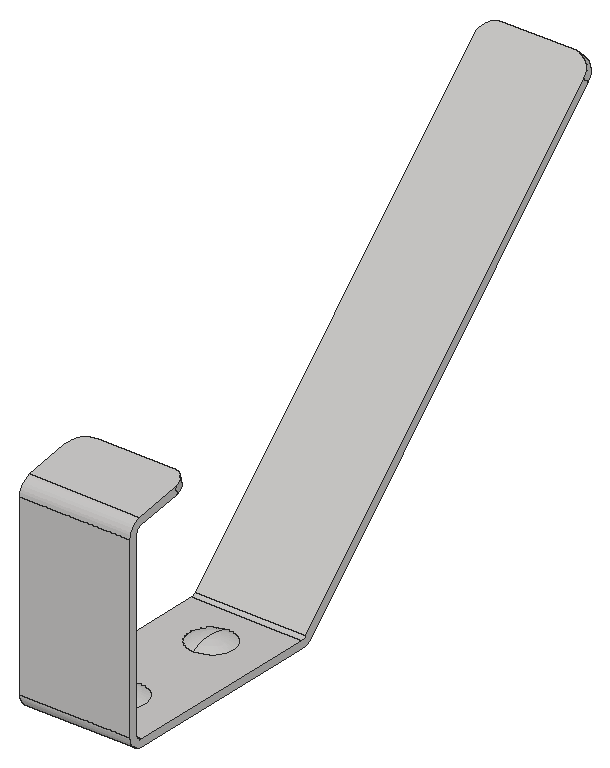
Revit family "PRD_FrankeWS_HldrsAndHks_DoubleClothHook_CHRX690", category Specialty Equipment, host Face, Revit 2018
Family settings
  Host = Face
  Round Connector Dimension = Use Diameter
  Part Type = Normal
  OmniClass Number = 23.40.20.21
  OmniClass Title = Toilet and Bath Specialties
  Cut with Voids When Loaded = No
  Shared = No
  Room Calculation Point = No
Parameters (values of type "CHRX690")
  WarrantyStartDate [instance] = "1900-12-31T23:59:59"
  WarrantyGuarantorParts = "n/a"
  WarrantyGuarantorLabor = "n/a"
  WarrantyDurationUnit = "year"
  WarrantyDurationParts = "n/a"
  WarrantyDurationLabor = "n/a"
  WarrantyDescription = "n/a"
  Version = "1"
  Uniclass2015Version = "Products v1.10"
  Uniclass2015Title = "Holders and hooks"
  Uniclass2015Code = "Pr_30_36_59_38"
  URL = "www.kwc.com"
  TypeOfMounting = "Wall mounting"
  TypeOfFixing = "Screw"
  TagNumber [instance] = "n/a"
  SustainabilityPerformance = "n/a"
  Style = "Hook"
  Size = "30 x 158 x 100 mm"
  Shape = "n/a"
  SerialNumber [instance] = "n/a"
  Revision = "n/a"
  ReplacementCost = "n/a"
  ProductInformation = "https://pim.kwc.com/product/2000057150/attachment/datasheet?locale=en"
  NominalWidth = 30.00 mm
  NominalHeight = 158.00 mm
  NominalDepth = 100.00 mm
  NetWeight = 0.25 kg
  Name = "Double cloth hook CHRX690"
  NBSTypeID = "n/a"
  NBSReference = "45-25-60/350"
  NBSOfficeMasterTag = "n/a"
  NBSNote = "n/a"
  NBSDescription = "Holders and hooks"
  NBSCertification = "n/a"
  ModelReference = "CHRX690"
  ModelNumber = "2000057150"
  Model = ModelReference  # "CHRX690"
  MaterialThickness = "2.00 mm"
  MaterialCode = "1.4301"
  Material = "stainless steel"
  ManufacturerURL = "www.kwc.com"
  ManufacturerName = "KWC Group AG"  # constant formula
  Manufacturer = ManufacturerName  # "KWC Group AG"
  MainColor = "stainless steel"
  IsBuiltIn = "TRUE"
  InstallationDate [instance] = "1900-12-31T23:59:59"
  IfcExportType = "USERDEFINED"
  IfcExportAs = "IfcFurnitureType"
  HookMaterial = PRD_AR_StainlessSteel_SatinFinished
  GrossWeight = 0.25 kg
  Grade = "n/a"
  Finish = "satin finished"
  Features = "stainless steel, included fixing material"
  ExpectedLife = "n/a"
  DurationUnit = "year"
  Description = "Double cloth hook for wall mounting, stainless steel, surface satin finished, two drilled holes for fixation, includes stainless steel screws and dowels."
  Default Elevation = 1600.00 mm
  CreateOn = "11/2019"  # constant formula
  Constituents = "n/a"
  Color = "n/a"
  CodePerformance = "n/a"
  Category = "Pr_30_36_59_38, Holders and hooks"
  BarCode [instance] = "n/a"
  BIMObjectName = "PRD_AR_HoldersAndHooks_DoubleClothHook_CHRX690"
  Author = "Archispace"  # constant formula
  AssetType = "Fixed"
  AssetIdentifier [instance] = "n/a"
  AccessibilityPerformance = "n/a"
Reference planes
  plane 1 "Center (Front/Back)": y = 0
  plane 2: z = 0
  plane 3 "Center (Left/Right)": x = 0
  plane 4: through (0, 126.53, 100.48) normal (0, -0.7071, 0.7071)
  plane 5: through (0, -10.935, 59.177) normal (0, -0.1736, 0.9848)
Forms (mm)
  Extrusion 1, solid, material "PRD_AR_StainlessSteel_SatinFinished" <- "HookMaterial", detail levels fine
    sketch origin (0, 0, 0) x (0, 1, 0) y (0, 0, 1)
      loop
        line (127.944, 99.066) -> (126.53, 100.48) -> (28.636, 2.586)
        arc (28.636, 2.586) -> (27.987, 2.152) -> (27.222, 2) r 2
        line (27.222, 2) -> (-27.222, 2)
        arc (-27.222, 2) -> (-28.636, 2.586) -> (-29.222, 4) r 2
        line (-29.222, 4) -> (-29.222, 52.244)
        arc (-29.222, 52.244) -> (-28.754, 53.529) -> (-27.569, 54.213) r 2
        line (-27.569, 54.213) -> (-10.587, 57.208) -> (-10.935, 59.177) -> (-27.916, 56.183)
        arc (-27.916, 56.183) -> (-30.286, 54.815) -> (-31.222, 52.244) r 4
        line (-31.222, 52.244) -> (-31.222, 4)
        arc (-31.222, 4) -> (-30.05, 1.172) -> (-27.222, 0) r 4
        line (-27.222, 0) -> (27.222, 0)
        arc (27.222, 0) -> (28.752, 0.304) -> (30.05, 1.172) r 4
        line (30.05, 1.172) -> (127.944, 99.066)
    from -15 to 15
  Revolve 2, solid, material "PRD_AR_StainlessSteel_SatinFinished" <- "HookMaterial", detail levels fine
    sketch origin (0, 0, 0) x (0, 1, 0) y (0, 0, 1)
      loop
        line (15, 2) -> (21, 2)
        arc (21, 2) -> (18.092, 3.12) -> (15, 3.514) r 12.975
        line (15, 3.514) -> (15, 2)
      axis (15, 3.514) -> (15, 2)
    angle from 0 to 360
  Revolve 3, solid, material "PRD_AR_StainlessSteel_SatinFinished" <- "HookMaterial", detail levels fine
    sketch origin (0, 0, 0) x (0, -1, 0) y (0, 0, 1)
      loop
        line (15, 2) -> (21, 2)
        arc (21, 2) -> (18.092, 3.12) -> (15, 3.514) r 12.975
        line (15, 3.514) -> (15, 2)
      axis (15, 3.514) -> (15, 2)
    angle from 0 to 360
  Extrusion 4, void
    sketch origin (0, -10.935, 59.177) x (0, 0.984808, 0.173648) y (-1, 0, 0)
      loop
        line (0, -15) -> (0, -10)
        arc (0, -10) -> (-1.464, -13.536) -> (-5, -15) r 5
        line (-5, -15) -> (0, -15)
      loop
        line (0, 15) -> (-5, 15)
        arc (-5, 15) -> (-1.464, 13.536) -> (0, 10) r 5
        line (0, 10) -> (0, 15)
    from 3.103 to -6.287
  Extrusion 5, void
    sketch origin (0, 126.53, 100.48) x (0, 0.707107, 0.707107) y (-1, 0, 0)
      loop
        line (0, -15) -> (0, -10)
        arc (0, -10) -> (-1.464, -13.536) -> (-5, -15) r 5
        line (-5, -15) -> (0, -15)
      loop
        line (0, 15) -> (-5, 15)
        arc (-5, 15) -> (-1.464, 13.536) -> (0, 10) r 5
        line (0, 10) -> (0, 15)
    from -7.899 to 10.158
  Extrusion 6, solid, material "PRD_AR_StainlessSteel_SatinFinished" <- "HookMaterial", detail levels medium
    sketch origin (0, 0, 0) x (0, 1, 0) y (0, 0, 1)
      loop
        line (127.944, 99.066) -> (126.53, 100.48) -> (28.05, 2) -> (-29.222, 2) -> (-29.222, 53.922) -> (-10.587, 57.208) -> (-10.935, 59.177) -> (-31.222, 55.6) -> (-31.222, 0) -> (28.878, 0) -> (127.944, 99.066)
    from -15 to 15
  Extrusion 7, solid, material "PRD_AR_StainlessSteel_SatinFinished" <- "HookMaterial", detail levels coarse
    sketch origin (0, 0, 0) x (0, 1, 0) y (0, 0, 1)
      loop
        line (127.944, 0) -> (127.944, 100.48) -> (-31.222, 100.48) -> (-31.222, 0) -> (127.944, 0)
    from -15 to 15
Cuts and joins
  Extrusion 4, Extrusion 5 cuts Extrusion 1
Dimensions and locks
  aligned and locked: plane 2 to host face
  aligned and locked: level to host face
